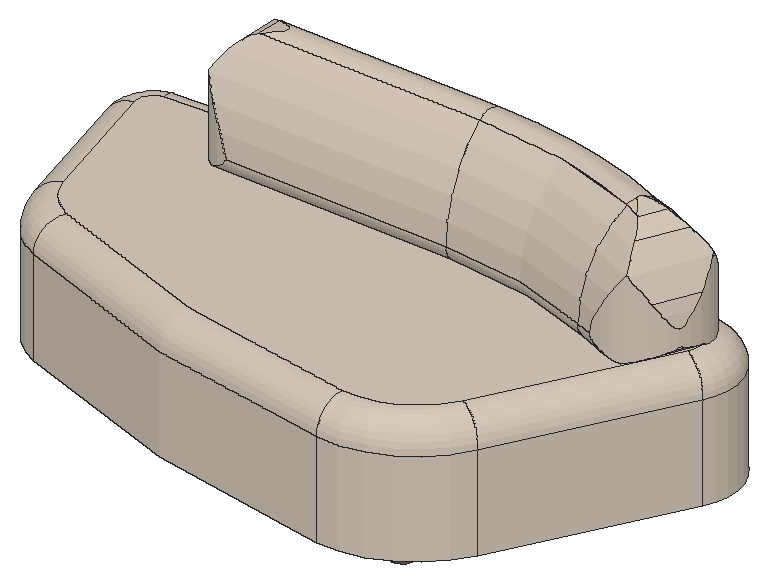
Revit family "FU_Modular_Sandler_Flow 06061", category Furniture, Revit 2022
Family settings
  OmniClass Number = 23.40.20.00
  OmniClass Title = General Furniture and Specialties
  Work Plane-Based = No
  Always vertical = Yes
  Cut with Voids When Loaded = No
  Render Appearance Source = Family Geometry
  Shared = No
  Room Calculation Point = No
Parameters (values of type "Flow 06061")
  Width = 2130 mm
  URL = "https://www.sandlerseating.com/product/flow-06061/"
  Shell [instance] = Fabric - Manhattan - Bronx YI364
  Model = "Flow 06061"
  Manufacturer = "Sandler"
  Height = 450 mm
  Description = "Right-hand, irregularly-shaped modular sofa seat. The long backrest is in a fixed position, and the seat is webbed for comfort."
  Depth = 1150 mm
  Default Elevation = 0 mm
Reference planes
  plane 1 "Center (Front/Back)": y = 0
  plane 2: z = 0
  plane 3 "Center (Left/Right)": x = 0
  plane 4 "Right": x = -1065
  plane 5 "Left": x = 1065
  plane 6 "Back": y = 575
  plane 7 "Front": y = -575
  plane 8 "Height": z = 450
  plane 9 "Seat Base": z = 50
Forms (mm)
  Extrusion 1, solid, material "Wood - Beech - Wenge"
    sketch origin (4.7, 2.795, 0) x (-1, 0, 0) y (0, -1, 0)
      loop
        circle (-530.463, 414.937) r 40
      loop
        circle (-917.157, -302.792) r 40
      loop
        circle (944.431, -401.307) r 40
      loop
        circle (777.154, 159.036) r 40
    from 0 to 55
  Extrusion 2, solid, material "Fabric - Manhattan - Bronx YI364" <- "Shell"
    sketch origin (0, 0, 50) x (1, 0, 0) y (0, 1, 0)
      loop
        line (738.548, -362.816) -> (1020.063, 191.18)
        arc (1020.063, 191.18) -> (1021.949, 364.044) -> (885.722, 470.476) r 195
        arc (885.722, 470.476) -> (-16.169, 575.475) -> (-922.502, 520.783) r 5160.671
        arc (-922.502, 520.783) -> (-1022.545, 456.552) -> (-1040.925, 339.095) r 145
        line (-1040.925, 339.095) -> (-921.557, -96.999)
        arc (-921.557, -96.999) -> (-862.424, -207.216) -> (-761.201, -280.688) r 280
        arc (-761.201, -280.688) -> (-203.219, -467.579) -> (377.298, -563.865) r 3708.81
        arc (377.298, -563.865) -> (588.623, -518.503) -> (738.548, -362.816) r 370
    from 0 to 400
  Sweep 3, void
    path in 3D
      loop
        arc (1020.063, 191.18, 450) -> (1021.949, 364.044, 450) -> (885.722, 470.476, 450) r 195
        arc (885.722, 470.476, 450) -> (-16.169, 575.475, 450) -> (-922.502, 520.783, 450) r 5160.671
        arc (-922.502, 520.783, 450) -> (-1022.545, 456.552, 450) -> (-1040.925, 339.095, 450) r 145
        line (-1040.925, 339.095, 450) -> (-921.557, -96.999, 450)
        arc (-921.557, -96.999, 450) -> (-862.424, -207.216, 450) -> (-761.201, -280.688, 450) r 280
        arc (-761.201, -280.688, 450) -> (-203.219, -467.579, 450) -> (377.298, -563.865, 450) r 3708.81
        arc (377.298, -563.865, 450) -> (588.623, -518.503, 450) -> (738.548, -362.816, 450) r 370
        line (738.548, -362.816, 450) -> (1020.063, 191.18, 450)
    profile "Pro_edgeCut_95mm : Pro_edgeCut_95mm" origin (879.306, -85.818, 450) x (-0.891501, 0.453019, 0) y (0, 0, 1)
      loop
        line (95, 0) -> (95, 48) -> (-48, 48) -> (-48, -95) -> (0, -95)
        arc (0, -95) -> (27.825, -27.825) -> (95, 0) r 95
Cuts and joins
  Sweep 3 cuts Extrusion 2
Lines and regions (mm)
  sketch lines
    curve 1: line (738.548, -362.816, 450) -> (1020.063, 191.18, 450)
    curve 2: arc (738.548, -362.816, 450) -> (588.623, -518.503, 450) -> (377.298, -563.865, 450) r 370
    curve 3: arc (377.298, -563.865, 450) -> (-203.219, -467.579, 450) -> (-761.201, -280.688, 450) r 3708.81
    curve 4: arc (-761.201, -280.688, 450) -> (-862.424, -207.216, 450) -> (-921.557, -96.999, 450) r 280
    curve 5: line (-1040.925, 339.095, 450) -> (-921.557, -96.999, 450)
    curve 6: arc (-1040.925, 339.095, 450) -> (-1022.545, 456.552, 450) -> (-922.502, 520.783, 450) r 145
    curve 7: arc (-922.502, 520.783, 450) -> (-16.169, 575.475, 450) -> (885.722, 470.476, 450) r 5160.671
    curve 8: arc (885.722, 470.476, 450) -> (1021.949, 364.044, 450) -> (1020.063, 191.18, 450) r 195
Dimensions and locks
  equal spacing: plane 6 "Back", plane 1 "Center (Front/Back)", plane 7 "Front"
  "Depth": plane 6 "Back" to plane 7 "Front"
  equal spacing: plane 4 "Right", plane 3 "Center (Left/Right)", plane 5 "Left"
  "Width": plane 4 "Right" to plane 5 "Left"
  "Height": plane 8 "Height" to level
  aligned and locked: level to plane 2
Automatic sketch dimensions
  Extrusion 1 sketch curve to plane 5 "Left" = 143.143 mm
  plane 7 "Front" to Extrusion 1 sketch curve = 162.858 mm
  Extrusion 1 sketch curve to plane 5 "Left" = 529.837 mm
  plane 4 "Right" to Extrusion 1 sketch curve = 292.546 mm
  plane 4 "Right" to Extrusion 1 sketch curve = 125.269 mm
  plane 1 "Center (Front/Back)" to Extrusion 1 sketch curve = 156.241 mm
  Extrusion 1 sketch curve to plane 6 "Back" = 269.413 mm
  Extrusion 1 sketch curve to plane 6 "Back" = 170.898 mm
  plane 4 "Right" to Extrusion 2 sketch curve = 24.075 mm
  plane 4 "Right" to Extrusion 2 sketch curve = 143.443 mm
  Extrusion 2 sketch curve to Extrusion 2 sketch curve = 139.855 mm
  plane 1 "Center (Front/Back)" to Extrusion 2 sketch curve = 23.076 mm
  Extrusion 2 sketch curve to Extrusion 2 sketch curve = 270.066 mm
  Extrusion 2 sketch curve to plane 3 "Center (Left/Right)" = 159.69 mm
  plane 1 "Center (Front/Back)" to Extrusion 2 sketch curve = 195.199 mm
  plane 3 "Center (Left/Right)" to Extrusion 2 sketch curve = 408.693 mm
  Extrusion 2 sketch curve to plane 5 "Left" = 373.009 mm
  Extrusion 2 sketch curve to plane 5 "Left" = 326.452 mm
  Extrusion 2 sketch curve to plane 5 "Left" = 218.78 mm
  Extrusion 2 sketch curve to plane 5 "Left" = 44.937 mm
  plane 7 "Front" to Extrusion 2 sketch curve = 212.184 mm
  Extrusion 2 sketch curve to plane 7 "Front" = 4008.2 mm
  plane 1 "Center (Front/Back)" to Extrusion 2 sketch curve = 96.999 mm
  Extrusion 2 sketch curve to plane 1 "Center (Front/Back)" = 191.18 mm
  Extrusion 2 sketch curve to Extrusion 2 sketch curve = 88.339 mm
  Extrusion 2 sketch curve to plane 6 "Back" = 235.905 mm
  Extrusion 2 sketch curve to Extrusion 2 sketch curve = 38.281 mm
  plane 6 "Back" to Extrusion 2 sketch curve = 2556.57 mm
  Extrusion 2 sketch curve to Extrusion 2 sketch curve = 0 mm  (x2)
  radius of Extrusion 1 sketch curve = 40 mm  (x4)
Nested families
  nested 1: "Flow 06061 Cushion" at (0, 0, 0) x (-1, 0, 0) z (0, 0, 1), Seat <- "Shell", type "Flow 06061 Cushion"
    with Seat Fabric - Manhattan - Bronx YI364
Definition of nested family "Flow 06061 Cushion"
  Parameters (values of type "Flow 06060 Cushion")
    Width = 1624 mm
    Seat [instance] = none
    Height = 830 mm
    Depth = 425.141 mm
    Default Elevation = 0 mm
  Reference planes
    plane 1 "Center (Front/Back)": y = 0
    plane 2: z = 0
    plane 3 "Center (Left/Right)": x = 0
    plane 4 "Right": x = -962
    plane 5 "Left": x = 662
    plane 6 "Back": y = 515.141
    plane 7 "Front": y = 90
    plane 8 "Height": z = 830
    plane 9 "Seat Height": z = 450
    plane 10 "right cushion edge": through (-951.547, 174.869, 1200) normal (-0.3907, 0.9205, 0)
  Forms (mm)
    Sweep 1, solid, material <- "Seat"
      path origin (0, 0, 450) x (-1, 0, 0) y (0, -1, 0)
        loop
          line (-766.206, -365.766) -> (193.794, -365.766)
          arc (193.794, -365.766) -> (488.546, -336.521) -> (771.804, -249.928) r 1500
          line (771.804, -249.928) -> (1020.953, -145.886)
      profile origin (286.206, 365.766, 450) x (0, -1, 0) y (0, 0, 1)
        loop
          arc (129.952, 5.746) -> (165.744, 23.478) -> (180.098, 60.754) r 55
          arc (180.098, 60.754) -> (143.176, 228.567) -> (40.34, 366.223) r 407.322
          spline (40.34, 366.223) -> (34.044, 370.373) -> (27.517, 373.807) -> (20.802, 376.503) -> (13.947, 378.441) -> (6.997, 379.61) -> (-0.001, 380) -> (-6.999, 379.61) -> (-13.949, 378.441) -> (-20.804, 376.503) -> (-27.518, 373.807) -> (-34.046, 370.373) -> (-40.342, 366.223)
          arc (-40.342, 366.223) -> (-143.179, 228.565) -> (-180.1, 60.75) r 407.322
          arc (-180.1, 60.75) -> (-165.745, 23.474) -> (-129.952, 5.742) r 55
          arc (-129.952, 5.742) -> (0, 0) -> (129.952, 5.746) r 1472.901
    Extrusion 2, void
      sketch origin (0, 0, 0) x (1, 0, 0) y (0, 0, 1)
        loop
          arc (662, 491.443) -> (622.521, 464.435) -> (575.775, 454.297) r 124.561
          arc (575.775, 454.297) -> (508.544, 448.044) -> (441.085, 445.154) r 1352.425
          line (441.085, 445.154) -> (441.085, 423.902) -> (776.085, 423.902) -> (776.085, 858.902) -> (401.08, 858.902) -> (401.08, 833.902)
          arc (401.08, 833.902) -> (461.069, 828.897) -> (519.468, 814.297) r 372.62
          arc (519.468, 814.297) -> (547.086, 800.382) -> (569.746, 779.336) r 110.115
          arc (569.746, 779.336) -> (616.146, 708.973) -> (647.891, 630.896) r 428.909
          arc (647.891, 630.896) -> (661.481, 561.831) -> (662, 491.443) r 377.133
      from -557.42 to -172.063
    Extrusion 3, void
      sketch origin (-208.169, 490.414, 0) x (-0.920505, -0.390731, 0) y (0, 0, 1)
        loop
          arc (558.291, 833.304) -> (618.279, 828.299) -> (676.679, 813.7) r 372.62
          arc (676.679, 813.7) -> (704.297, 799.784) -> (726.956, 778.738) r 110.115
          arc (726.956, 778.738) -> (773.357, 708.376) -> (805.101, 630.298) r 428.909
          arc (805.101, 630.298) -> (818.691, 561.233) -> (819.211, 490.846) r 377.133
          arc (819.211, 490.846) -> (779.732, 463.838) -> (732.985, 453.699) r 124.561
          arc (732.985, 453.699) -> (665.754, 447.446) -> (598.295, 444.557) r 1352.425
          line (598.295, 444.557) -> (598.295, 423.304) -> (973.295, 423.304) -> (973.295, 858.304) -> (558.291, 858.304) -> (558.291, 833.304)
      from -189.585 to 187.906
    Extrusion 4, void
      sketch origin (0, 0, 450) x (-1, 0, 0) y (0, -1, 0)
        loop
          line (863.727, -410.934) -> (875.269, -438.625) -> (1069.105, -357.832) -> (904.442, 37.225) -> (710.606, -43.568) -> (722.148, -71.259)
          arc (722.148, -71.259) -> (962.775, -170.306) -> (863.727, -410.934) r 184
      from -12.577 to 391.223
    Extrusion 5, void
      sketch origin (0, 0, 450) x (-1, 0, 0) y (0, -1, 0)
        loop
          line (-478, -181.767) -> (-478, -151.767) -> (-683, -151.767) -> (-683, -579.767) -> (-478, -579.767) -> (-478, -549.767)
          arc (-478, -549.767) -> (-662, -365.767) -> (-478, -181.767) r 184
      from -14.778 to 380
  Cuts and joins
    Extrusion 2, Extrusion 3, Extrusion 4, Extrusion 5 cuts Sweep 1
  Dimensions and locks
    plane 6 "Back" to plane 7 "Front" to plane 1 "Center (Front/Back)" = 425.141 mm, 90 mm
    "Depth": plane 6 "Back" to plane 7 "Front"
    plane 4 "Right" to plane 3 "Center (Left/Right)" to plane 5 "Left" = 962 mm, 662 mm
    "Width": plane 4 "Right" to plane 5 "Left"
    "Height": plane 8 "Height" to level
    aligned and locked: level to plane 2
  Automatic sketch dimensions
    Sweep 1 sketch curve to plane 3 "Center (Left/Right)" = 193.794 mm
    Sweep 1 sketch curve to plane 6 "Back" = 149.375 mm
    plane 1 "Center (Front/Back)" to Sweep 1 sketch curve = 1134.234 mm
    plane 5 "Left" to Sweep 1 sketch curve = 104.206 mm
    plane 4 "Right" to Sweep 1 sketch curve = 190.196 mm
    Sweep 1 sketch curve to plane 4 "Right" = 58.953 mm
    plane 7 "Front" to Sweep 1 sketch curve = 55.886 mm
    plane 9 "Seat Height" to Sweep 1 sketch curve = 59.104 mm  (x2)
    profile plane to Sweep 1 sketch curve = 227.22 mm
    plane 9 "Seat Height" to Sweep 1 sketch curve = 60.528 mm
    Sweep 1 sketch curve to Sweep 1 sketch curve = 102.12 mm  (x2)
    profile plane to Sweep 1 sketch curve = 0.022 mm
    plane 9 "Seat Height" to Sweep 1 sketch curve = 60.531 mm
    Sweep 1 sketch curve to profile plane = 125.099 mm
    plane 9 "Seat Height" to Sweep 1 sketch curve = 1472.901 mm
    plane 9 "Seat Height" to Sweep 1 sketch curve = 60.75 mm
    Sweep 1 sketch curve to Sweep 1 sketch curve = 0 mm  (x3)
    profile plane to Sweep 1 sketch curve = 40.342 mm
    profile plane to Sweep 1 sketch curve = 0.001 mm
    Sweep 1 sketch curve to profile plane = 40.34 mm
    Sweep 1 sketch curve to Sweep 1 sketch curve = 85 mm
    Sweep 1 sketch curve to Sweep 1 sketch curve = 101.223 mm
    Extrusion 2 sketch curve to plane 5 "Left" = 0 mm
    Extrusion 2 sketch curve to plane 5 "Left" = 88.762 mm
    Extrusion 2 sketch curve to Extrusion 2 sketch curve = 89.017 mm
    Extrusion 2 sketch curve to plane 9 "Seat Height" = 26.098 mm
    Extrusion 2 sketch curve to Extrusion 2 sketch curve = 132.153 mm
    Extrusion 2 sketch curve to plane 5 "Left" = 245.045 mm
    plane 8 "Height" to Extrusion 2 sketch curve = 3.902 mm
    Extrusion 2 sketch curve to Extrusion 2 sketch curve = 83.14 mm
    plane 9 "Seat Height" to Extrusion 2 sketch curve = 11.283 mm
    Extrusion 2 sketch curve to Extrusion 2 sketch curve = 40.891 mm
    plane 9 "Seat Height" to Extrusion 2 sketch curve = 73.867 mm
    Extrusion 2 sketch curve to Extrusion 2 sketch curve = 113.93 mm
    Extrusion 2 sketch curve to Extrusion 2 sketch curve = 49.647 mm
    plane 5 "Left" to Extrusion 2 sketch curve = 114.085 mm
    Extrusion 2 sketch curve to plane 9 "Seat Height" = 4.846 mm
    Extrusion 2 sketch curve to Extrusion 2 sketch curve = 14.694 mm
    plane 9 "Seat Height" to Extrusion 2 sketch curve = 128.832 mm
    Extrusion 2 sketch curve to plane 8 "Height" = 120.024 mm
    Extrusion 2 sketch curve to Extrusion 2 sketch curve = 25 mm
    Extrusion 2 sketch curve to Extrusion 2 sketch curve = 938.462 mm
    Extrusion 2 sketch curve to Extrusion 2 sketch curve = 74.653 mm
    Extrusion 2 sketch curve to Extrusion 2 sketch curve = 0 mm  (x2)
    plane 9 "Seat Height" to Extrusion 3 sketch curve = 58.576 mm
    Extrusion 3 sketch curve to Extrusion 3 sketch curve = 49.647 mm
    plane 9 "Seat Height" to Extrusion 3 sketch curve = 10.686 mm
    Extrusion 3 sketch curve to Extrusion 3 sketch curve = 113.93 mm
    plane 8 "Height" to Extrusion 3 sketch curve = 28.304 mm
    Extrusion 3 sketch curve to Extrusion 3 sketch curve = 114.817 mm
    Extrusion 3 sketch curve to Extrusion 3 sketch curve = 15.874 mm
    Extrusion 3 sketch curve to plane 9 "Seat Height" = 5.443 mm
    Extrusion 3 sketch curve to Extrusion 3 sketch curve = 40.891 mm
    Extrusion 3 sketch curve to Extrusion 3 sketch curve = 83.14 mm
    Extrusion 3 sketch curve to Extrusion 3 sketch curve = 89.017 mm
    Extrusion 3 sketch curve to plane 9 "Seat Height" = 26.696 mm
    Extrusion 3 sketch curve to Extrusion 3 sketch curve = 242.847 mm
    Extrusion 3 sketch curve to Extrusion 3 sketch curve = 14.694 mm
    plane 9 "Seat Height" to Extrusion 3 sketch curve = 128.235 mm
    Extrusion 3 sketch curve to plane 8 "Height" = 120.621 mm
    plane 8 "Height" to Extrusion 3 sketch curve = 3.304 mm
    Extrusion 3 sketch curve to Extrusion 3 sketch curve = 938.462 mm
    Extrusion 3 sketch curve to Extrusion 3 sketch curve = 0 mm  (x3)
    plane 9 "Seat Height" to Extrusion 3 sketch curve = 3.699 mm
    plane 4 "Right" to Extrusion 4 sketch curve = 86.731 mm
    Extrusion 4 sketch curve to plane 6 "Back" = 76.516 mm
    Extrusion 4 sketch curve to Extrusion 4 sketch curve = 80.793 mm
    Extrusion 4 sketch curve to plane 7 "Front" = 18.741 mm
    Extrusion 4 sketch curve to Extrusion 4 sketch curve = 70.79 mm
    Extrusion 4 sketch curve to Extrusion 4 sketch curve = 11.542 mm  (x2)
    plane 1 "Center (Front/Back)" to Extrusion 4 sketch curve = 37.225 mm
    Extrusion 4 sketch curve to plane 4 "Right" = 107.105 mm
    plane 5 "Left" to Extrusion 5 sketch curve = 21 mm
    plane 6 "Back" to Extrusion 5 sketch curve = 64.626 mm
    Extrusion 5 sketch curve to plane 5 "Left" = 184 mm
    Extrusion 5 sketch curve to plane 6 "Back" = 149.374 mm
    plane 7 "Front" to Extrusion 5 sketch curve = 91.767 mm
    Extrusion 5 sketch curve to Extrusion 5 sketch curve = 30 mm
